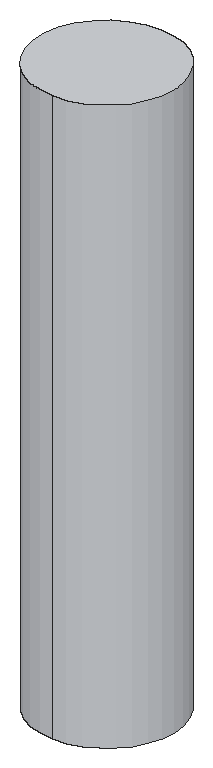
Revit family "8ed9eff1fcd14a5ebf46645de1e8288d", category Sprinklers, Revit 2027
Family settings
  Round Connector Dimension = Use Radius
  Part Type = Normal
  Seek Item ID = Sprinkler - Pendent-0000-USA-ENU
  Work Plane-Based = No
  Always vertical = Yes
  Cut with Voids When Loaded = No
  Maintain Annotation Orientation = Yes
  Shared = No
  Room Calculation Point = No
Parameters (values of type "1/2" Pendent")
  Temperature Rating = 135 °F
  Symbol [instance] = Sprinkler - Symbol - Pendent : Sprinkler - Symbol - Pendent
  Response = Standard
  Pressure Drop [instance] = 7.00 psi
  Pressure Class = Standard
  Overall Length = 2 3/8"
  Orifice Size = 1/2"
  Orifice = Standard
  K-Factor = 5.6
  Flow [instance] = 30 GPM
  Default Elevation = 0' - 0"
  Coverage = Standard
  Nominal Diameter = Nominal Radius * 2  # 1/2"
  Nominal Radius = 1/4"
  CEL = 1/4"
Types (8): name | Symbol | Pressure Drop | Overall Length | Orifice Size | K-Factor | Flow | Nominal Diameter | Nominal Radius | CEL
  1/2" Pendent | Sprinkler - Symbol - Pendent : Sprinkler - Symbol - Pendent | 7.00 psi | 2 3/8" | 1/2" | 5.6 | 30 GPM | 1/2" | 1/4" | 1/4"
  1/2" Pendent on Drop | Sprinkler - Symbol - Pendent on Drop : Sprinkler - Symbol - Pendent on Drop | 7.00 psi | 2 3/8" | 1/2" | 5.6 | 30 GPM | 1/2" | 1/4" | 1/4"
  1/2" Pendent on Drop with Guard | Sprinkler - Symbol - Pendent on Drop with Guard : Sprinkler - Symbol - Pendent on Drop with Guard | 7.00 psi | 2 3/8" | 1/2" | 5.6 | 30 GPM | 1/2" | 1/4" | 1/4"
  1/2" Pendent with Guard | Sprinkler - Symbol - Pendent with Guard : Sprinkler - Symbol - Pendent with Guard | 7.00 psi | 2 3/8" | 1/2" | 5.6 | 30 GPM | 1/2" | 1/4" | 1/4"
  3/4" Pendent | Sprinkler - Symbol - Pendent : Sprinkler - Symbol - Pendent | 14.00 psi | 2 1/2" | 17/32" | 8 | 43 GPM | 3/4" | 3/8" | 3/8"
  3/4" Pendent on Drop | Sprinkler - Symbol - Pendent on Drop : Sprinkler - Symbol - Pendent on Drop | 14.00 psi | 2 1/2" | 17/32" | 8 | 43 GPM | 3/4" | 3/8" | 3/8"
  3/4" Pendent on Drop with Guard | Sprinkler - Symbol - Pendent on Drop with Guard : Sprinkler - Symbol - Pendent on Drop with Guard | 14.00 psi | 2 1/2" | 17/32" | 8 | 43 GPM | 3/4" | 3/8" | 3/8"
  3/4" Pendent with Guard | Sprinkler - Symbol - Pendent with Guard : Sprinkler - Symbol - Pendent with Guard | 14.00 psi | 2 1/2" | 17/32" | 8 | 43 GPM | 3/4" | 3/8" | 3/8"
Reference planes (in)
  plane 1 "Center (Front/Back)": y = 0
  plane 2: z = 0
  plane 3 "Center (Left/Right)": x = 0
  plane 4: z = -2.125
  plane 5: z = 0.25
Forms (in)
  Extrusion 1, solid
    sketch origin (0, 0, 0) x (0, -1, 0) y (1, 0, 0)
      loop
        circle (0, 0) r 0.25
    from 0 to -2.125
Dimensions and locks (in)
  "Overall Length": plane 4 to plane 5
  "CEL": level to plane 5
  "Nominal Radius": radius of Extrusion 1 sketch curve
  aligned and locked: Extrusion 1 to plane 4
  aligned and locked: Extrusion 1 to level
Automatic sketch dimensions
  Extrusion 1 sketch curve to plane 1 "Center (Front/Back)" = 0' - 0"
  Extrusion 1 sketch curve to plane 3 "Center (Left/Right)" = 0' - 0"
Nested families (in)
  nested 1: "Sprinkler - Symbol - Pendent" at (0, 0, 0), type <- "Symbol", type "Sprinkler - Symbol - Pendent"
Connectors (in)
  piping at (0, 0, 0), diameter 0.5, driven by "Flow", driven by "Pressure Drop", driven by "Nominal Radius"
    settings: on Extrusion 1, index 1, connector inside diameter 1/2", connector length 0' - 0", flow factor 0, pipe flow 30 GPM, pressure drop 7.00 psi, fitting loss kfactor 0, connector angle 0.00°, fixture units 0, engagement length 0' - 0", angle of deflection 0.00°, flow configuration 1, flow direction 1, fitting loss method 4, system type 23, joint type 0, gender type 0, connector reference index -1, connector utility 0, adjustable connector no, is connector primary yes, connector description "In"
Definition of nested family "Sprinkler - Symbol - Pendent"
  Parameters
    Symbol Radius = 0.5 * Symbol Diameter  # 0' - 0 1/16"
    Symbol Diameter = 0' - 0 1/8"
  Reference planes (in)
    plane 1: y = 0
    plane 2: x = 0
  Lines and regions (in)
    detail lines
      curve 1: circle (0, 0, 0) r 0.0625 normal (0, 0, 1)
  Dimensions and locks (in)
    "Symbol Radius": radius of curve 1
  Automatic sketch dimensions
    curve 1 to plane 1 = 0' - 0"
    curve 1 to plane 2 = 0' - 0"
